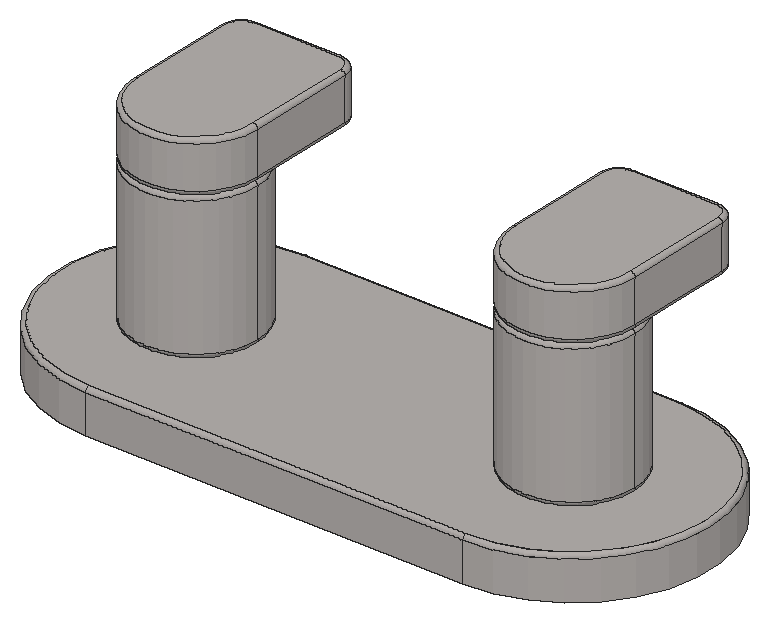
Revit family "Accessory-Robe_Hook-KOHLER-Composed-K-73146BR_1", category Specialty Equipment, host Face, Revit 2017
Family settings
  Host = Face
  Round Connector Dimension = Use Diameter
  Part Type = Normal
  OmniClass Number = 23.31.25.27
  OmniClass Title = Robe Hooks
  Cut with Voids When Loaded = No
  Shared = No
  Room Calculation Point = No
Parameters (values of type "TT-Vibrant Titanium")
  Width = 4 3/4"  # constant formula
  WaterSense Certified = 1 = 0  # no
  URL = "https://br.kohler.com/"
  Type = 1
  Product Page URL = "https://br.kohler.com/product-detail/73146br?skuid=K-73146BR-TT"
  Product Name = "Composed"  # constant formula
  Product Documentation Link = ""
  Model = "K-73146BR-TT"  # constant formula
  Material = "Premium Metal Construction"  # constant formula
  Master Format 2014 Name = "Toilet, Bath, and Laundry Accessories"  # constant formula
  Master Format 2014 = "10 28 00"  # constant formula
  Manufacturer Address = "Rio de Janeiro MULTIREPAROS RUA BATISTA DA COSTA, Nº 352 | STORE B Rio de Janeiro SÃO GONÇALO 24450-470"  # constant formula
  Manufacturer = "KOHLER Co."  # constant formula
  Length = 1 3/4"  # constant formula
  Height = 2"  # constant formula
  Finish = Kohler-Metal-TT-Vibrant_Titanium
  Environmental Product Declaration = ""
  Description = "Hanger"  # constant formula
  Default Elevation = 42"
  Declare Label = ""
  Date Modified = "07/15/2020"  # constant formula
  Date Created = "07/15/2020"  # constant formula
  Copyright = "Copyright KOHLER Co."  # constant formula
  Contact Us = "https://br.kohler.com/asr-listing"
  Assembly Code = "C1030200"
  ADA Compliant = 1 = 0  # no
Reference planes (in)
  plane 1 "Center (Front/Back)": y = 0
  plane 2: z = 0
  plane 3 "Center (Left/Right)": x = 0
  plane 4: x = 0.9252
  plane 5: x = 2.375
  plane 6: y = 1
  plane 7: y = 0.9449
  plane 8: x = -0.9252
  plane 9: x = 1.37598
  plane 10: z = 1.75
  plane 11: z = 1.37995
  plane 12: z = 0.31496
  plane 13: y = -0.45088
  plane 14: y = -1
  plane 15: x = -1.37598
  plane 16: x = 1.82677
  plane 17: x = -2.375
  plane 18: x = -1.82677
  plane 19: y = 0.45088
Dimensions and locks (in)
  "Length": plane 10 to level
  "Width": plane 17 to plane 5
  "Height": plane 6 to plane 14
  plane 15 to plane 9 = 2.75197"
  aligned and locked: plane 2 to host face
  aligned and locked: level to host face
  aligned and locked: plane 3 "Center (Left/Right)" to nested 1
  aligned and locked: plane 1 "Center (Front/Back)" to nested 1
Automatic sketch dimensions
  host sketch curve to host sketch curve = 96"  (x2)
Nested families (in)
  nested 1: "K-73146BR" at (0, 0, 0), type "K-73146BR"
Definition of nested family "K-73146BR"
  Parameters (values of type "K-73146BR")
    Material = none
  Reference planes (in)
    plane 1 "Center (Front/Back)": y = 0
    plane 2: z = 0
    plane 3 "Center (Left/Right)": x = 0
    plane 4: y = 1
    plane 5: y = -1
    plane 6: x = -2.375
    plane 7: x = 2.375
    plane 8: z = 1.75
    plane 9: x = -1.37598
    plane 10: x = 1.37598
    plane 11: x = -1.82677
    plane 12: x = -0.9252
    plane 13: x = 0.9252
    plane 14: x = 1.82677
    plane 15: y = -0.45088
    plane 16: y = 0.45088
    plane 17: y = 0.9449
    plane 18: z = 0.31496
    plane 19: z = 1.37995
  Forms (in)
    Sweep 1, solid, material <- "Material", detail levels medium+fine
      path origin (0, 0, 0) x (1, 0, 0) y (0, 1, 0)
        loop
          line (1.37503, 1) -> (-1.37503, 1)
          arc (-1.37503, 1) -> (-2.37503, 0) -> (-1.37503, -1) r 1
          line (-1.37503, -1) -> (1.37503, -1)
          arc (1.37503, -1) -> (2.37503, 0) -> (1.37503, 1) r 1
      profile origin (0, 1, 0) x (0, -1, 0) y (0, 0, 1)
        loop
          line (0.1605, 0) -> (0.1605, 0.31496) -> (0.03109, 0.31496)
          arc (0.03109, 0.31496) -> (0.00911, 0.30585) -> (0, 0.28387) r 0.03109
          line (0, 0.28387) -> (0, 0) -> (0.1605, 0)
    Extrusion 2, solid, material <- "Material", detail levels medium+fine
      sketch origin (0, 0, 0) x (1, 0, 0) y (0, 1, 0)
        loop
          arc (-1.37503, 0.8395) -> (-2.21453, 0) -> (-1.37503, -0.8395) r 0.8395
          line (-1.37503, -0.8395) -> (1.37503, -0.8395)
          arc (1.37503, -0.8395) -> (2.21453, 0) -> (1.37503, 0.8395) r 0.8395
          line (1.37503, 0.8395) -> (-1.37503, 0.8395)
      from 0 to 0.31496
    Revolve 3, solid, material <- "Material", detail levels medium+fine
      sketch origin (0, 0, 0) x (1, 0, 0) y (0, 0, 1)
        loop
          line (-1.37598, 1.37992) -> (-1.79556, 1.37992)
          arc (-1.79556, 1.37992) -> (-1.81763, 1.37078) -> (-1.82677, 1.34871) r 0.03121
          line (-1.82677, 1.34871) -> (-1.82677, 0.34643)
          arc (-1.82677, 0.34643) -> (-1.81756, 0.32418) -> (-1.79531, 0.31496) r 0.03147
          line (-1.79531, 0.31496) -> (-1.37598, 0.31496) -> (-1.37598, 1.37992)
        axis (-1.37598, 1.37992) -> (-1.37598, 0.31496)
      angle from 0 to 360
    Revolve 4, solid, material <- "Material", detail levels medium+fine
      sketch origin (0, 0, 0) x (1, 0, 0) y (0, 0, 1)
        loop
          line (1.37598, 1.37992) -> (0.95641, 1.37992)
          arc (0.95641, 1.37992) -> (0.93434, 1.37078) -> (0.9252, 1.34871) r 0.03121
          line (0.9252, 1.34871) -> (0.9252, 0.34643)
          arc (0.9252, 0.34643) -> (0.93441, 0.32418) -> (0.95666, 0.31496) r 0.03147
          line (0.95666, 0.31496) -> (1.37598, 0.31496) -> (1.37598, 1.37992)
        axis (1.37598, 1.37992) -> (1.37598, 0.31496)
      angle from 0 to 360
    Sweep 5, solid, material <- "Material", detail levels medium+fine
      path origin (0, 0, 0) x (-1, 0, 0) y (0, 1, 0)
        loop
          line (-1.82677, 0.79552) -> (-1.82677, -0.00029)
          arc (-1.82677, -0.00029) -> (-1.37598, -0.45107) -> (-0.9252, -0.00029) r 0.45079
          line (-0.9252, -0.00029) -> (-0.9252, 0.79644)
          arc (-0.9252, 0.79644) -> (-0.96867, 0.90141) -> (-1.07363, 0.94488) r 0.14844
          line (-1.07363, 0.94488) -> (-1.67741, 0.94488)
          arc (-1.67741, 0.94488) -> (-1.78302, 0.90114) -> (-1.82677, 0.79552) r 0.14936
      profile origin (1.37552, 0.94488, 0) x (0, 1, 0) y (0, 0, 1)
        loop
          arc (0, 1.71875) -> (-0.00915, 1.74085) -> (-0.03125, 1.75) r 0.03125
          line (-0.03125, 1.75) -> (-0.10665, 1.75) -> (-0.10665, 1.37992) -> (-0.03081, 1.37992)
          arc (-0.03081, 1.37992) -> (-0.00902, 1.38894) -> (0, 1.41072) r 0.03081
          line (0, 1.41072) -> (0, 1.71875)
    Extrusion 6, solid, material <- "Material", detail levels medium+fine
      sketch origin (0, 0, 0) x (1, 0, 0) y (0, 1, 0)
        loop
          arc (1.7504, 0.77741) -> (1.71923, 0.85266) -> (1.64397, 0.88383) r 0.10642
          line (1.64397, 0.88383) -> (1.07636, 0.88383)
          arc (1.07636, 0.88383) -> (1.02104, 0.86092) -> (0.99813, 0.8056) r 0.07823
          line (0.99813, 0.8056) -> (0.99813, 0.00176)
          arc (0.99813, 0.00176) -> (1.37426, -0.37437) -> (1.7504, 0.00176) r 0.37613
          line (1.7504, 0.00176) -> (1.7504, 0.77741)
      from 1.37992 to 1.75
    Sweep 7, solid, material <- "Material", detail levels medium+fine
      path origin (0, 0, 0) x (1, 0, 0) y (0, 1, 0)
        loop
          line (-1.82677, 0.79552) -> (-1.82677, -0.00029)
          arc (-1.82677, -0.00029) -> (-1.37598, -0.45107) -> (-0.9252, -0.00029) r 0.45079
          line (-0.9252, -0.00029) -> (-0.9252, 0.79644)
          arc (-0.9252, 0.79644) -> (-0.96867, 0.90141) -> (-1.07363, 0.94488) r 0.14844
          line (-1.07363, 0.94488) -> (-1.67741, 0.94488)
          arc (-1.67741, 0.94488) -> (-1.78302, 0.90114) -> (-1.82677, 0.79552) r 0.14936
      profile origin (-1.37552, 0.94488, 0) x (0, -1, 0) y (0, 0, 1)
        loop
          line (0, 1.71875) -> (0, 1.41072)
          arc (0, 1.41072) -> (0.00902, 1.38894) -> (0.03081, 1.37992) r 0.03081
          line (0.03081, 1.37992) -> (0.10665, 1.37992) -> (0.10665, 1.75) -> (0.03125, 1.75)
          arc (0.03125, 1.75) -> (0.00915, 1.74085) -> (0, 1.71875) r 0.03125
    Extrusion 8, solid, material <- "Material", detail levels medium+fine
      sketch origin (0, 0, 0) x (-1, 0, 0) y (0, -1, 0)
        loop
          line (1.7504, -0.77741) -> (1.7504, -0.00176)
          arc (1.7504, -0.00176) -> (1.37426, 0.37437) -> (0.99813, -0.00176) r 0.37613
          line (0.99813, -0.00176) -> (0.99813, -0.8056)
          arc (0.99813, -0.8056) -> (1.02104, -0.86092) -> (1.07636, -0.88383) r 0.07823
          line (1.07636, -0.88383) -> (1.64397, -0.88383)
          arc (1.64397, -0.88383) -> (1.71923, -0.85266) -> (1.7504, -0.77741) r 0.10642
      from 1.37992 to 1.75
    Extrusion 9, solid, material <- "Material", detail levels coarse
      sketch origin (0, 0, 0) x (1, 0, 0) y (0, 1, 0)
        loop
          line (1.37503, 1) -> (-1.37503, 1)
          arc (-1.37503, 1) -> (-2.37503, 0) -> (-1.37503, -1) r 1
          line (-1.37503, -1) -> (1.37503, -1)
          arc (1.37503, -1) -> (2.37503, 0) -> (1.37503, 1) r 1
      from 0 to 0.31496
    Extrusion 10, solid, material <- "Material", detail levels coarse
      sketch origin (0, 0, 0) x (0, 1, 0) y (0, 0, 1)
        loop
          line (0.9449, 1.75) -> (-0.45088, 1.75) -> (-0.45088, 0.31496) -> (0.45088, 0.31496) -> (0.45088, 1.37995) -> (0.9449, 1.37995) -> (0.9449, 1.75)
      from -1.82703 to -0.92257
    Extrusion 11, solid, material <- "Material", detail levels coarse
      sketch origin (0, 0, 0) x (0, 1, 0) y (0, 0, -1)
        loop
          line (0.9449, -1.75) -> (0.9449, -1.37995) -> (0.45088, -1.37995) -> (0.45088, -0.31496) -> (-0.45088, -0.31496) -> (-0.45088, -1.75) -> (0.9449, -1.75)
      from -1.82703 to -0.92257
  Cuts and joins
    joined: Sweep 1, Extrusion 2, Revolve 3, Revolve 4
    joined: Sweep 5, Extrusion 6
    joined: Sweep 7, Extrusion 8
    joined: Extrusion 9, Extrusion 10, Extrusion 11
  Lines and regions (in)
    Masking region 1
      outline origin (0, 0, 0) x (0, 1, 0) y (0, 0, 1)
        loop
          line (0.914, 1.75) -> (-0.41998, 1.75)
          arc (-0.41998, 1.75) -> (-0.44183, 1.74095) -> (-0.45088, 1.7191) r 0.0309
          line (-0.45088, 1.7191) -> (-0.45088, 1.41021)
          arc (-0.45088, 1.41021) -> (-0.44168, 1.38848) -> (-0.41967, 1.37997) r 0.03026
          arc (-0.41967, 1.37997) -> (-0.44189, 1.37025) -> (-0.45088, 1.34804) r 0.03191
          line (-0.45088, 1.34804) -> (-0.45088, 0.34722)
          arc (-0.45088, 0.34722) -> (-0.44143, 0.32441) -> (-0.41862, 0.31496) r 0.03226
          line (-0.41862, 0.31496) -> (-0.96933, 0.31496)
          arc (-0.96933, 0.31496) -> (-0.99102, 0.30598) -> (-1, 0.28429) r 0.03067
          line (-1, 0.28429) -> (-1, 0) -> (1, 0) -> (1, 0.28429)
          arc (1, 0.28429) -> (0.99102, 0.30598) -> (0.96933, 0.31496) r 0.03067
          line (0.96933, 0.31496) -> (0.41862, 0.31496)
          arc (0.41862, 0.31496) -> (0.44143, 0.32441) -> (0.45088, 0.34722) r 0.03226
          line (0.45088, 0.34722) -> (0.45088, 1.34804)
          arc (0.45088, 1.34804) -> (0.44153, 1.37061) -> (0.41897, 1.37995) r 0.03191
          line (0.41897, 1.37995) -> (0.91464, 1.37995)
          arc (0.91464, 1.37995) -> (0.93604, 1.38882) -> (0.9449, 1.41021) r 0.03026
          line (0.9449, 1.41021) -> (0.9449, 1.7191)
          arc (0.9449, 1.7191) -> (0.93585, 1.74095) -> (0.914, 1.75) r 0.0309
    Masking region 2
      outline origin (0, 0, 0) x (1, 0, 0) y (0, 0, 1)
        loop
          arc (-1.79587, 1.75) -> (-1.81772, 1.74095) -> (-1.82677, 1.7191) r 0.0309
          line (-1.82677, 1.7191) -> (-1.82677, 1.41021)
          arc (-1.82677, 1.41021) -> (-1.81757, 1.38848) -> (-1.79486, 1.37995) r 0.03026
          arc (-1.79486, 1.37995) -> (-1.81742, 1.37061) -> (-1.82677, 1.34804) r 0.03191
          line (-1.82677, 1.34804) -> (-1.82677, 0.34722)
          arc (-1.82677, 0.34722) -> (-1.81732, 0.32441) -> (-1.79365, 0.31496) r 0.03226
          line (-1.79365, 0.31496) -> (-2.34436, 0.31496)
          arc (-2.34436, 0.31496) -> (-2.36605, 0.30598) -> (-2.37503, 0.28429) r 0.03067
          line (-2.37503, 0.28429) -> (-2.37503, 0) -> (2.37503, 0) -> (2.37503, 0.28429)
          arc (2.37503, 0.28429) -> (2.36605, 0.30598) -> (2.34436, 0.31496) r 0.03067
          line (2.34436, 0.31496) -> (1.79451, 0.31496)
          arc (1.79451, 0.31496) -> (1.81732, 0.32441) -> (1.82677, 0.34722) r 0.03226
          line (1.82677, 0.34722) -> (1.82677, 1.34804)
          arc (1.82677, 1.34804) -> (1.81742, 1.37061) -> (1.79556, 1.37997) r 0.03191
          arc (1.79556, 1.37997) -> (1.81757, 1.38848) -> (1.82677, 1.41021) r 0.03026
          line (1.82677, 1.41021) -> (1.82677, 1.7191)
          arc (1.82677, 1.7191) -> (1.81772, 1.74095) -> (1.79587, 1.75) r 0.0309
          line (1.79587, 1.75) -> (0.9561, 1.75)
          arc (0.9561, 1.75) -> (0.93425, 1.74095) -> (0.9252, 1.7191) r 0.0309
          line (0.9252, 1.7191) -> (0.9252, 1.41021)
          arc (0.9252, 1.41021) -> (0.9344, 1.38848) -> (0.95611, 1.37994) r 0.03026
          arc (0.95611, 1.37994) -> (0.93419, 1.37025) -> (0.9252, 1.34804) r 0.03191
          line (0.9252, 1.34804) -> (0.9252, 0.34722)
          arc (0.9252, 0.34722) -> (0.93465, 0.32441) -> (0.95641, 0.31496) r 0.03226
          line (0.95641, 0.31496) -> (-0.95746, 0.31496)
          arc (-0.95746, 0.31496) -> (-0.93465, 0.32441) -> (-0.9252, 0.34722) r 0.03226
          line (-0.9252, 0.34722) -> (-0.9252, 1.34804)
          arc (-0.9252, 1.34804) -> (-0.93419, 1.37025) -> (-0.9564, 1.37997) r 0.03191
          arc (-0.9564, 1.37997) -> (-0.9344, 1.38848) -> (-0.9252, 1.41021) r 0.03026
          line (-0.9252, 1.41021) -> (-0.9252, 1.7191)
          arc (-0.9252, 1.7191) -> (-0.93425, 1.74095) -> (-0.9561, 1.75) r 0.0309
          line (-0.9561, 1.75) -> (-1.79587, 1.75)
    Masking region 3
      outline origin (0, 0, 0) x (1, 0, 0) y (0, 1, 0)
        loop
          arc (-1.37503, 1) -> (-2.37503, 0) -> (-1.37503, -1) r 1
          line (-1.37503, -1) -> (1.37503, -1)
          arc (1.37503, -1) -> (2.37503, 0) -> (1.37503, 1) r 1
          line (1.37503, 1) -> (-1.37503, 1)
    symbolic lines, detail levels medium+fine
      curve 1: line (0, 0.41897, 1.37995) -> (0, -0.41982, 1.37995)
      curve 2: line (0, 0.41862, 0.31496) -> (0, -0.41932, 0.31496)
      curve 3: line (-1.79651, 0, 1.37995) -> (-0.95606, 0, 1.37995)
      curve 4: line (-1.79365, 0, 0.31496) -> (-0.95641, 0, 0.31496)
      curve 5: line (0.9564, 0, 1.37995) -> (1.79486, 0, 1.37995)
      curve 6: line (0.95666, 0, 0.31496) -> (1.79365, 0, 0.31496)
      curve 7: line (-1.82677, 0.79552, 0) -> (-1.82677, -0.00029, 0)
      curve 8: line (-0.9252, -0.00029, 0) -> (-0.9252, 0.79644, 0)
      curve 9: line (-1.07363, 0.94488, 0) -> (-1.67741, 0.94488, 0)
      curve 10: arc (-1.67741, 0.94488, 0) -> (-1.78302, 0.90114, 0) -> (-1.82677, 0.79552, 0) r 0.14936
      curve 11: arc (-0.9252, 0.79644, 0) -> (-0.96867, 0.90141, 0) -> (-1.07363, 0.94488, 0) r 0.14844
      curve 12: arc (-1.82677, -0.00029, 0) -> (-1.37598, -0.45107, 0) -> (-0.9252, -0.00029, 0) r 0.45079
      curve 13: line (1.82677, 0.79552, 0) -> (1.82677, -0.00029, 0)
      curve 14: line (0.9252, -0.00029, 0) -> (0.9252, 0.79644, 0)
      curve 15: line (1.07363, 0.94488, 0) -> (1.67741, 0.94488, 0)
      curve 16: arc (1.67741, 0.94488, 0) -> (1.78302, 0.90114, 0) -> (1.82677, 0.79552, 0) r 0.14936
      curve 17: arc (0.9252, 0.79644, 0) -> (0.96867, 0.90141, 0) -> (1.07363, 0.94488, 0) r 0.14844
      curve 18: arc (1.82677, -0.00029, 0) -> (1.37598, -0.45107, 0) -> (0.9252, -0.00029, 0) r 0.45079
  Dimensions and locks (in)
    plane 6 to plane 7 = 4 3/4"
    plane 5 to plane 4 = 2"
    plane 8 to plane 2 = 1 3/4"
    plane 9 to plane 10 = 2.75197"
    plane 8 to level = 1 3/4"
    aligned and locked: plane 2 to level
